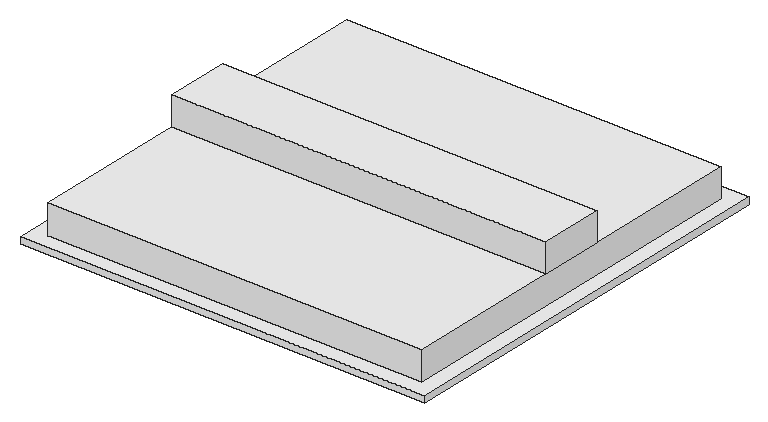
Revit family "DiLED III - Ceiling based_2", category Lighting Fixtures, host Ceiling, Revit 2012
Parameters (values of type "600x600 - 4000K")
  Wattage Comments = ""
  Wattage = 42 W
  built-in parameter 1150110 = 1 (stored number, unit not read)
  Voids Angle = 0.00°
  URL = "www.riegens.co.uk"
  Transformer Thickness = 42.40 mm
  Transformer Offset 2 = 228.60 mm
  Transformer Offset 1 = 228.60 mm
  Transformer = Powdercoated Steel (White)
  built-in parameter 1114217 = 1 (stored number, unit not read)
  Tilt Angle = 90.00°
  built-in parameter 1150109 = 1 (stored number, unit not read)
  built-in parameter 1150134 = 12
  built-in parameter 1150113 = 1 (stored number, unit not read)
  Photometric Web File = "8246075749_DiLEDIIIG2600x600TL152442WLED4000KCDOpal-11016.ies"
  Model = "DiLED III"
  Manufacturer = "Riegens Lighting"
  built-in parameter 1150105 = 496.46 (stored number, unit not read)
  Lumens = 6238.76 lm
  built-in parameter 1150115 = 1 (stored number, unit not read)
  built-in parameter 1150137 = (empty or 0)
  built-in parameter 1150139 = (empty or 0)
  built-in parameter 1150112 = 1 (stored number, unit not read)
  built-in parameter 1150114 = 1 (stored number, unit not read)
  Lamp = ""
  built-in parameter 1150132 = (empty or 0)
  built-in parameter 1150102 = (empty or 0)
  built-in parameter 1150107 = 4000 (stored number, unit not read)
  built-in parameter 1150138 = (empty or 0)
  built-in parameter 1150106 = 4.9646 (stored number, unit not read)
  Glass Width = 549.00 mm
  Glass Thickness = 2.00 mm
  Glass Depth = 549.00 mm
  Glass = Lamp Glass (Opal)
  Frame Width = 595.00 mm
  Frame Thickness = 9.60 mm
  Frame Depth = 595.00 mm
  Frame = Powdercoated Steel (White)
  Emit from Rectangle Width = Frame Width  # 595.00 mm
  Emit from Rectangle Length = Frame Depth  # 595.00 mm
  Emit Shape Visible in Rendering = no
  built-in parameter 1150104 = 13.8 (stored number, unit not read)
  Dimming Lamp Color Temperature Shift = <None>
  Color Filter = 16777215
  Clearance Zones Offset = 60.00 mm
  Clearance Zones = no
  Cassette Width = 550.00 mm
  Cassette Thickness = 42.40 mm
  Cassette Depth = 550.00 mm
  Cassette = Powdercoated Steel (White)
  built-in parameter 1114218 = 1 (stored number, unit not read)
  built-in parameter 1150133 = 10 (stored number, unit not read)
  Assembly Code = "D5020200"
  Apparent Load = 240 VA
Types (9, lengths in mm): name | Voids Angle | Transformer Thickness | Transformer Offset 2 | Transformer Offset 1 | built-in parameter 1150134 | Photometric Web File | Manufacturer | built-in parameter 1150107 | Glass Width | Glass Depth | Frame Width | Frame Thickness | Frame Depth | Emit from Rectangle Width | Emit from Rectangle Length | Clearance Zones | Cassette Width | Cassette Thickness | Cassette Depth
  (no name) | 0.00° | 42.40 | 228.60 | 228.60 | 12 | "8246075749_DiLEDIIIG2600x600TL152442WLED4000KCDOpal-11016.ies" | "Riegens Lighting" | 4000 (stored number, unit not read) | 549.00 | 549.00 | 595.00 | 9.60 | 595.00 | 595.00 | 595.00 | no | 550.00 | 42.40 | 550.00
  300x300 - 3000K | 0.00° | 38.00 | 146.80 | 0.00 | (empty or 0) | "8246075684_DiLEDIIIG2600x600TL152442WLED3000KCDOpal-11002.ies" | "Riegens Ligthing" | 3000 (stored number, unit not read) | 272.00 | 272.00 | 295.00 | 10.00 | 295.00 | 295.00 | 295.00 | yes | 276.00 | 38.75 | 276.00
  300x1200 - 3000K | 33.00° | 36.00 | 275.00 | 275.00 | (empty or 0) | "8246075684_DiLEDIIIG2600x600TL152442WLED3000KCDOpal-11002.ies" | "Riegens Lighting" | 3000 (stored number, unit not read) | 247.00 | 1147.00 | 295.00 | 9.55 | 1195.00 | 295.00 | 1195.00 | yes | 274.00 | 40.20 | 1150.00
  625x625 - 3000K | 0.00° | 42.40 | 229.00 | 229.00 | (empty or 0) | "8246075684_DiLEDIIIG2600x600TL152442WLED3000KCDOpal-11002.ies" | "Riegens Lighting" | 3000 (stored number, unit not read) | 550.00 | 550.00 | 620.00 | 9.60 | 620.00 | 620.00 | 620.00 | yes | 550.00 | 42.40 | 550.00
  600x600 - 3000K | 0.00° | 42.40 | 228.60 | 228.60 | (empty or 0) | "8246075684_DiLEDIIIG2600x600TL152442WLED3000KCDOpal-11002.ies" | "Riegens Lighting" | 3000 (stored number, unit not read) | 549.00 | 549.00 | 595.00 | 9.60 | 595.00 | 595.00 | 595.00 | yes | 550.00 | 42.40 | 550.00
  300x1200 - 4000K | 33.00° | 36.00 | 275.00 | 275.00 | 12 | "8246075749_DiLEDIIIG2600x600TL152442WLED4000KCDOpal-11016.ies" | "Riegens Lighting" | 4000 (stored number, unit not read) | 247.00 | 1147.00 | 295.00 | 9.55 | 1195.00 | 295.00 | 1195.00 | yes | 274.00 | 40.20 | 1150.00
  300x300 - 4000K | 0.00° | 38.00 | 146.80 | 0.00 | 12 | "8246075749_DiLEDIIIG2600x600TL152442WLED4000KCDOpal-11016.ies" | "Riegens Lighting" | 4000 (stored number, unit not read) | 272.00 | 272.00 | 295.00 | 10.00 | 295.00 | 295.00 | 295.00 | yes | 276.00 | 38.75 | 276.00
  600x600 - 4000K | 0.00° | 42.40 | 228.60 | 228.60 | 12 | "8246075749_DiLEDIIIG2600x600TL152442WLED4000KCDOpal-11016.ies" | "Riegens Lighting" | 4000 (stored number, unit not read) | 549.00 | 549.00 | 595.00 | 9.60 | 595.00 | 595.00 | 595.00 | no | 550.00 | 42.40 | 550.00
  625x625 - 4000K | 0.00° | 42.40 | 229.00 | 229.00 | 12 | "8246075684_DiLEDIIIG2600x600TL152442WLED3000KCDOpal-11002.ies" | "Riegens Lighting" | 4000 (stored number, unit not read) | 550.00 | 550.00 | 620.00 | 9.60 | 620.00 | 620.00 | 620.00 | yes | 550.00 | 42.40 | 550.00
Reference planes
  plane 1 "Center (Front/Back)": y = 0
  plane 2 "Ceiling": z = 2438.4
  plane 3 "Center (Left/Right)": x = 0
  plane 4: y = 275
  plane 5: y = -275
Lines and regions (mm)
  Opening 1
    outline origin (0, 0, 2438.4) x (1, 0, 0) y (0, 1, 0)
      loop
        line (297.5, -297.5) -> (297.5, 297.5) -> (-297.5, 297.5) -> (-297.5, -297.5) -> (297.5, -297.5)
  symbolic lines
    curve 1: line (-297.5, 297.5, 2438.4) -> (297.5, -297.5, 2438.4)
    curve 2: line (297.5, 297.5, 2438.4) -> (-297.5, -297.5, 2438.4)
Dimensions and locks
  equal spacing: host sketch curve, plane 3 "Center (Left/Right)", host sketch curve
  equal spacing: host sketch curve, plane 1 "Center (Front/Back)", host sketch curve
  host sketch curve to host sketch curve = 3048.00 mm  (x2)
  equal spacing: plane 5, plane 1 "Center (Front/Back)", plane 4
  "Cassette Width": plane 5 to plane 4
  aligned and locked: nested 1 to host ceiling
  aligned and locked: Opening 1 sketch curve to nested 1  (x4)
  aligned and locked: nested 1 to curve 1  (x2)
  aligned and locked: curve 1 to nested 1  (x2)
  aligned and locked: curve 2 to nested 1  (x2)
  aligned and locked: nested 1 to curve 2  (x2)
Nested families
  nested 1: "DiLED III - Generic (no light)" at (0, 0, 1067.425), type "DiLED III - Generic"
    with Clearance Zones no, Apparent Load 240 VA
Definition of nested family "DiLED III - Generic (no light)"
  Parameters (values of type "600x600 - 3000K")
    Wattage Comments = ""
    Voids Angle = 0.00°
    Transformer Thickness = 42.40 mm
    Transformer Offset 2 = 228.60 mm
    Transformer Offset 1 = 228.60 mm
    Transformer = Powdercoated Steel (White)
    Lamp = ""
    Glass Width = 549.00 mm
    Glass Thickness = 2.00 mm
    Glass Depth = 549.00 mm
    Glass = none
    Frame Width = 595.00 mm
    Frame Thickness = 9.60 mm
    Frame Depth = 595.00 mm
    Frame = Powdercoated Steel (White)
    Clearance Zones Offset = 60.00 mm
    Clearance Zones = yes
    Cassette Width = 550.00 mm
    Cassette Thickness = 42.40 mm
    Cassette Depth = 550.00 mm
    Cassette = Powdercoated Steel (White)
    Apparent Load = 0 VA
  Types (9, lengths in mm): name | Voids Angle | Transformer Thickness | Transformer Offset 2 | Transformer Offset 1 | Glass Width | Glass Depth | Frame Width | Frame Thickness | Frame Depth | Cassette Width | Cassette Thickness | Cassette Depth
    (no name) | 0.00° | 42.40 | 228.60 | 228.60 | 549.00 | 549.00 | 595.00 | 9.60 | 595.00 | 550.00 | 42.40 | 550.00
    300x300 - 3000K | 0.00° | 38.00 | 146.80 | 0.00 | 272.00 | 272.00 | 295.00 | 10.00 | 295.00 | 276.00 | 38.75 | 276.00
    300x1200 - 3000K | 33.00° | 36.00 | 275.00 | 275.00 | 247.00 | 1147.00 | 295.00 | 9.55 | 1195.00 | 274.00 | 40.20 | 1150.00
    625x625 - 3000K | 0.00° | 42.40 | 229.00 | 229.00 | 550.00 | 550.00 | 620.00 | 9.60 | 620.00 | 550.00 | 42.40 | 550.00
    600x600 - 3000K | 0.00° | 42.40 | 228.60 | 228.60 | 549.00 | 549.00 | 595.00 | 9.60 | 595.00 | 550.00 | 42.40 | 550.00
    300x300 - 4000K | 0.00° | 38.00 | 146.80 | 0.00 | 272.00 | 272.00 | 295.00 | 10.00 | 295.00 | 276.00 | 38.75 | 276.00
    300x1200 - 4000K | 33.00° | 36.00 | 275.00 | 275.00 | 247.00 | 1147.00 | 295.00 | 9.55 | 1195.00 | 274.00 | 40.20 | 1150.00
    600x600 - 4000K | 0.00° | 42.40 | 228.60 | 228.60 | 549.00 | 549.00 | 595.00 | 9.60 | 595.00 | 550.00 | 42.40 | 550.00
    625x625 - 4000K | 0.00° | 42.40 | 229.00 | 229.00 | 550.00 | 550.00 | 620.00 | 9.60 | 620.00 | 550.00 | 42.40 | 550.00
  Reference planes
    plane 1 "Tilt Plane": y = 0
    plane 2: z = 0
    plane 3 "Light Source Axis (L/R)": x = 0
    plane 4 "Light Source Elevation": z = 1370.975
    plane 5: z = 1380.575
    plane 6: z = 1422.975
    plane 7: z = 1465.375
    plane 8: x = 297.5
    plane 9: x = -297.5
    plane 10: x = -275
    plane 11: x = 275
    plane 12: y = -297.5
    plane 13: y = -275
    plane 14: y = 275
    plane 15: y = -46.4
    plane 16: y = 46.4
    plane 17: y = 297.5
    plane 18: z = 1372.975
    plane 19: x = -274.5
    plane 20: x = 274.5
    plane 21: y = -274.5
    plane 22: y = 274.5
    plane 23: z = 1525.375
  Forms (mm)
    Extrusion 1, solid, material "Powdercoated Steel (White)" <- "Frame"
      sketch origin (0, 0, 1380.575) x (0, -1, 0) y (1, 0, 0)
        loop
          line (-297.5, -297.5) -> (297.5, -297.5) -> (297.5, 297.5) -> (-297.5, 297.5) -> (-297.5, -297.5)
      from 0 to -9.6
    Extrusion 2, solid, material "Powdercoated Steel (White)" <- "Frame"
      sketch origin (0, 0, 1380.575) x (0, -1, 0) y (-1, 0, 0)
        loop
          line (275, 275) -> (-275, 275) -> (-275, -275) -> (275, -275) -> (275, 275)
      from 0 to -42.4
    Extrusion 3, solid, material "Powdercoated Steel (White)" <- "Frame"
      sketch origin (5, 14.25, 1410.975) x (0, -1, 0) y (1, 0, 0)
        loop
          line (60.65, -280) -> (60.65, 270) -> (-32.15, 270) -> (-32.15, -280) -> (60.65, -280)
      from 12 to 54.4
    Extrusion 4, void
      sketch origin (0, 0, 0) x (1, 0, 0) y (0, 1, 0)
        loop
          line (274.5, 274.5) -> (-274.5, 274.5) -> (-274.5, -274.5) -> (274.5, -274.5) -> (274.5, 274.5)
      from 1370.975 to 1372.975
    Extrusion 5, solid, material <- "Glass"
      sketch origin (0, 0, 0) x (1, 0, 0) y (0, 1, 0)
        loop
          line (-274.5, -274.5) -> (274.5, -274.5) -> (274.5, 274.5) -> (-274.5, 274.5) -> (-274.5, -274.5)
      from 1370.975 to 1372.975
    Extrusion 6, solid, visible <- "Clearance Zones"
      sketch origin (0, 0, 1370.975) x (0, -1, 0) y (1, 0, 0)
        loop
          line (297.5, 297.5) -> (-297.5, 297.5) -> (-297.5, -297.5) -> (297.5, -297.5) -> (297.5, 297.5)
      from 0 to 154.4
    Extrusion 7, void
      sketch origin (275, 275, 1380.575) x (0, 1, 0) y (0, 0, -1)
        loop
          line (0, -42.4) -> (22.5, -42.4) -> (22.5, 0) -> (0, 0) -> (0, -42.4)
      from 0 to 550 <- "Cassette Width"
    Extrusion 8, void
      sketch origin (275, 275, 1380.575) x (0, 1, 0) y (0, 0, -1)
        loop
          line (-572.5, 0) -> (-572.5, -42.4) -> (-550, -42.4) -> (-550, 0) -> (-572.5, 0)
      from 0 to 550 <- "Cassette Width"
  Cuts and joins
    Extrusion 4, Extrusion 8 cuts Extrusion 1
    Extrusion 7, Extrusion 8 cuts Extrusion 2
  Text (mm)
    text "0 Tilt Angle" at (809.978, -4572, 1586.413), in view "Front"
    text "270" at (-331.585, -4572, 2488.248), in view "Front"
    text "180" at (-1130.68, -4572, 1586.413), in view "Front"
    text "90" at (-1130.68, -4572, 186.89), in view "Front"
    text "0 Tilt Angle" at (1952.354, 4572, 1542.98), in view "Back"
    text "180" at (-876.627, 4572, 1524.796), in view "Back"
    text "270" at (367.014, 4572, 2698.908), in view "Back"
    text "90" at (304.215, 4572, 666.926), in view "Back"
  Dimensions and locks
    equal spacing: plane 9, plane 3 "Light Source Axis (L/R)", plane 8
    "Frame Width": plane 9 to plane 8
    equal spacing: plane 10, plane 3 "Light Source Axis (L/R)", plane 11
    "Cassette Width": plane 10 to plane 11
    equal spacing: plane 12, plane 1 "Tilt Plane", plane 17
    "Frame Depth": plane 12 to plane 17
    equal spacing: plane 13, plane 1 "Tilt Plane", plane 14
    "Cassette Depth": plane 13 to plane 14
    "Frame Thickness": plane 5 to plane 4 "Light Source Elevation"
    "Transformer Offset 2": plane 16 to plane 14
    "Transformer Offset 1": plane 13 to plane 15
    "Glass Thickness": plane 18 to plane 4 "Light Source Elevation"
    "Cassette Thickness": plane 6 to plane 5
    "Transformer Thickness": plane 7 to plane 6
    "Clearance Zones Offset": plane 23 to plane 7
    equal spacing: plane 19, plane 3 "Light Source Axis (L/R)", plane 20
    "Glass Width": plane 19 to plane 20
    equal spacing: plane 21, plane 1 "Tilt Plane", plane 22
    "Glass Depth": plane 21 to plane 22
    "Voids Angle": angle plane 14 to Extrusion 7 sketch curve
    "Voids Angle": angle Extrusion 8 sketch curve to plane 13
    aligned and locked: plane 2 to level
    aligned and locked: Extrusion 1 to plane 17
    aligned and locked: Extrusion 1 to plane 8
    aligned and locked: plane 12 to Extrusion 1
    aligned and locked: plane 9 to Extrusion 1
    aligned and locked: plane 15 to Extrusion 3
    aligned and locked: plane 10 to Extrusion 3
    aligned and locked: Extrusion 3 to plane 11
    aligned and locked: Extrusion 3 to plane 16
    aligned and locked: plane 4 "Light Source Elevation" to Extrusion 1
    aligned and locked: plane 5 to Extrusion 1
    aligned and locked: Extrusion 2 to plane 5
    aligned and locked: plane 6 to Extrusion 2
    aligned and locked: Extrusion 3 to plane 6
    aligned and locked: plane 7 to Extrusion 3
    aligned and locked: Extrusion 2 to plane 14
    aligned and locked: plane 10 to Extrusion 2
    aligned and locked: plane 13 to Extrusion 2
    aligned and locked: Extrusion 2 to plane 11
    aligned and locked: Extrusion 4 sketch curve to plane 22
    aligned and locked: Extrusion 4 sketch curve to plane 19
    aligned and locked: Extrusion 4 sketch curve to plane 21
    aligned and locked: Extrusion 4 sketch curve to plane 20
    aligned and locked: plane 18 to Extrusion 4
    aligned and locked: plane 4 "Light Source Elevation" to Extrusion 4
    aligned and locked: Extrusion 5 sketch curve to plane 19
    aligned and locked: Extrusion 5 sketch curve to plane 20
    aligned and locked: Extrusion 5 sketch curve to plane 21
    aligned and locked: Extrusion 5 sketch curve to plane 22
    aligned and locked: plane 18 to Extrusion 5
    aligned and locked: plane 4 "Light Source Elevation" to Extrusion 5
    aligned and locked: plane 12 to Extrusion 6 sketch curve
    aligned and locked: plane 8 to Extrusion 6 sketch curve
    aligned and locked: plane 17 to Extrusion 6 sketch curve
    aligned and locked: plane 9 to Extrusion 6 sketch curve
    aligned and locked: plane 23 to Extrusion 6
    aligned and locked: plane 4 "Light Source Elevation" to Extrusion 6
    aligned and locked: Extrusion 2 to Extrusion 7 sketch curve
    aligned and locked: plane 5 to Extrusion 7 sketch curve
    aligned and locked: plane 17 to Extrusion 7 sketch curve
    aligned and locked: Extrusion 6 to Extrusion 8 sketch curve
    aligned and locked: plane 5 to Extrusion 8 sketch curve
    aligned and locked: plane 6 to Extrusion 8 sketch curve
  Automatic sketch dimensions
    Extrusion 1 sketch curve to plane 8 = 0.00 mm
    plane 17 to Extrusion 1 sketch curve = 0.00 mm
    Extrusion 1 sketch curve to plane 9 = 0.00 mm
    plane 12 to Extrusion 1 sketch curve = 0.00 mm
    Extrusion 2 sketch curve to plane 10 = 0.00 mm
    plane 14 to Extrusion 2 sketch curve = 0.00 mm
    Extrusion 2 sketch curve to plane 11 = 0.00 mm
    plane 13 to Extrusion 2 sketch curve = 0.00 mm
    Extrusion 3 sketch curve to plane 10 = 0.00 mm
    plane 16 to Extrusion 3 sketch curve = 0.00 mm
    plane 15 to Extrusion 3 sketch curve = 0.00 mm
    Extrusion 3 sketch curve to plane 11 = 0.00 mm
    Extrusion 7 sketch curve to Extrusion 2 = 0.00 mm
    Extrusion 8 sketch curve to Extrusion 2 = 0.00 mm
